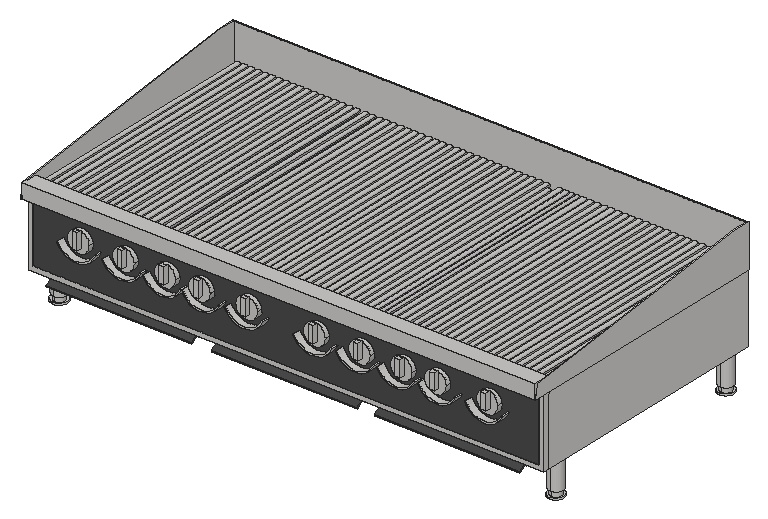
Revit family "QF_Vollrath_960CG", category Specialty Equipment, Revit 2016 (continued)
Automatic sketch dimensions
  Extrusion 105 sketch curve to plane 11 = 0.00"
  Extrusion 105 sketch curve to plane 26 = 4.56103"
  plane 9 "RIGHT" to Extrusion 105 sketch curve = 2.50946"
  Extrusion 106 sketch curve to plane 11 = 0.00"
  Extrusion 106 sketch curve to plane 12 = 0.18819"
  plane 6 "FRONT" to Extrusion 106 sketch curve = 0.8615"
  Extrusion 106 sketch curve to plane 12 = 0.25182"
  Extrusion 106 sketch curve to Extrusion 106 sketch curve = 0.06363"  (x2)
  plane 11 to Extrusion 106 sketch curve = 0.06748"
  Extrusion 106 sketch curve to Extrusion 106 sketch curve = 1.02888"
  Extrusion 106 sketch curve to plane 12 = 1.25151"
  Extrusion 107 sketch curve to plane 11 = 0.00"
  Extrusion 107 sketch curve to plane 7 "Top of Legs" = 0.00"
  Extrusion 107 sketch curve to plane 21 = 3.58713"
  Extrusion 107 sketch curve to plane 26 = 2.51664"
  Extrusion 108 sketch curve to plane 12 = 0.00"
  Extrusion 108 sketch curve to plane 11 = 0.00"
  Extrusion 108 sketch curve to plane 21 = 3.58713"
  Extrusion 108 sketch curve to plane 26 = 2.51664"
  Extrusion 109 sketch curve to plane 11 = 0.00"
  Extrusion 109 sketch curve to plane 12 = 0.18819"
  plane 6 "FRONT" to Extrusion 109 sketch curve = 0.8615"
  Extrusion 109 sketch curve to plane 12 = 0.25182"
  Extrusion 109 sketch curve to Extrusion 109 sketch curve = 0.06363"  (x2)
  plane 11 to Extrusion 109 sketch curve = 0.06748"
  Extrusion 109 sketch curve to Extrusion 109 sketch curve = 1.02888"
  Extrusion 109 sketch curve to plane 12 = 1.25151"
  Extrusion 110 sketch curve to Extrusion 110 sketch curve = 0.00"  (x2)
  plane 15 to Extrusion 110 sketch curve = 0.48677"
  plane 17 to Extrusion 110 sketch curve = 0.57426"
  Extrusion 110 sketch curve to plane 20 = 2.69772"
  plane 17 to Extrusion 111 sketch curve = 0.88643"
  plane 17 to Extrusion 111 sketch curve = 0.33376"
  plane 16 to Extrusion 111 sketch curve = 3.22002"
  Extrusion 111 sketch curve to plane 20 = 1.48733"
  Extrusion 112 sketch curve to Extrusion 112 sketch curve = 0.00"  (x2)
  plane 21 to Extrusion 112 sketch curve = 2.96007"
  Extrusion 112 sketch curve to Extrusion 112 sketch curve = 1.25"
  Extrusion 112 sketch curve to plane 20 = 2.69772"
  plane 21 to Extrusion 113 sketch curve = 2.02224"
  Extrusion 113 sketch curve to Extrusion 113 sketch curve = 0.55267"
  plane 16 to Extrusion 113 sketch curve = 3.22002"
  Extrusion 113 sketch curve to plane 20 = 1.48733"
  Extrusion 114 sketch curve to Extrusion 114 sketch curve = 0.00"  (x2)
  plane 23 to Extrusion 114 sketch curve = 2.46007"
  plane 23 to Extrusion 114 sketch curve = 1.21007"
  Extrusion 114 sketch curve to plane 20 = 2.69772"
  plane 23 to Extrusion 115 sketch curve = 1.52224"
  Extrusion 115 sketch curve to Extrusion 115 sketch curve = 0.55267"
  plane 16 to Extrusion 115 sketch curve = 3.22002"
  Extrusion 115 sketch curve to plane 20 = 1.48733"
  Extrusion 116 sketch curve to Extrusion 116 sketch curve = 0.00"  (x2)
  plane 24 to Extrusion 116 sketch curve = 0.57426"
  Extrusion 116 sketch curve to plane 24 = 0.67574"
  Extrusion 116 sketch curve to plane 20 = 2.69772"
  Extrusion 117 sketch curve to plane 24 = 0.36357"
  Extrusion 117 sketch curve to Extrusion 117 sketch curve = 0.55267"
  plane 16 to Extrusion 117 sketch curve = 3.22002"
  Extrusion 117 sketch curve to plane 20 = 1.48733"
  Extrusion 118 sketch curve to Extrusion 118 sketch curve = 0.00"  (x2)
  Extrusion 118 sketch curve to plane 26 = 1.67574"
  Extrusion 118 sketch curve to Extrusion 118 sketch curve = 1.25"
  Extrusion 118 sketch curve to plane 20 = 2.69772"
  Extrusion 119 sketch curve to plane 26 = 2.61357"
  Extrusion 119 sketch curve to Extrusion 119 sketch curve = 0.55267"
  plane 16 to Extrusion 119 sketch curve = 3.22002"
  Extrusion 119 sketch curve to plane 20 = 1.48733"
  Extrusion 120 sketch curve to Extrusion 120 sketch curve = 0.00"  (x2)
  Extrusion 120 sketch curve to plane 26 = 6.53993"
  Extrusion 120 sketch curve to Extrusion 120 sketch curve = 1.25"
  Extrusion 120 sketch curve to plane 20 = 2.69772"
  plane 16 to Extrusion 121 sketch curve = 3.22002"
  Extrusion 121 sketch curve to plane 26 = 7.47776"
  Extrusion 121 sketch curve to Extrusion 121 sketch curve = 0.55267"
  Extrusion 121 sketch curve to plane 20 = 1.48733"
  Extrusion 122 sketch curve to Extrusion 122 sketch curve = 0.00"  (x2)
  Extrusion 122 sketch curve to plane 20 = 2.69772"
  Extrusion 122 sketch curve to plane 26 = 10.53993"
  Extrusion 122 sketch curve to Extrusion 122 sketch curve = 1.25"
  plane 16 to Extrusion 123 sketch curve = 3.22002"
  Extrusion 123 sketch curve to plane 26 = 11.47776"
  Extrusion 123 sketch curve to Extrusion 123 sketch curve = 0.55267"
  Extrusion 123 sketch curve to plane 20 = 1.48733"
  Extrusion 124 sketch curve to Extrusion 124 sketch curve = 0.00"  (x2)
  plane 9 "RIGHT" to Extrusion 124 sketch curve = 7.46007"
  Extrusion 124 sketch curve to Extrusion 124 sketch curve = 1.25"
  Extrusion 124 sketch curve to plane 20 = 2.69772"
  plane 16 to Extrusion 125 sketch curve = 3.22002"
  plane 9 "RIGHT" to Extrusion 125 sketch curve = 6.52224"
  Extrusion 125 sketch curve to Extrusion 125 sketch curve = 0.55267"
  Extrusion 125 sketch curve to plane 20 = 1.48733"
  Extrusion 126 sketch curve to plane 19 = 0.00"
  Extrusion 126 sketch curve to plane 28 = 0.00"
  Extrusion 126 sketch curve to plane 20 = 0.00"
  plane 9 "RIGHT" to Extrusion 126 sketch curve = 0.125"
  Sweep 127 sketch curve to plane 13 = 1.65236"
  Sweep 127 sketch curve to plane 14 = 0.21339"
  Sweep 127 sketch curve to plane 15 = 1.22558"
  Sweep 127 sketch curve to plane 20 = 3.26749"
  Sweep 127 sketch curve to plane 20 = 2.22077"
  profile plane to Sweep 127 sketch curve = 0.00"
  Sweep 127 sketch curve to profile plane = 0.00"
  Sweep 127 sketch curve to profile plane = 0.14592"
  Sweep 127 sketch curve to Sweep 127 sketch curve = 0.83484"
  Sweep 128 sketch curve to plane 15 = 0.47558"
  plane 17 to Sweep 128 sketch curve = 0.53661"
  Sweep 128 sketch curve to plane 17 = 1.71339"
  Sweep 128 sketch curve to plane 20 = 3.26749"
  Sweep 128 sketch curve to plane 20 = 2.22077"
  profile plane to Sweep 128 sketch curve = 0.00"
  Sweep 128 sketch curve to profile plane = 0.00"
  Sweep 128 sketch curve to profile plane = 0.14592"
  Sweep 128 sketch curve to Sweep 128 sketch curve = 0.83484"
  Sweep 129 sketch curve to plane 17 = 1.96339"
  plane 21 to Sweep 129 sketch curve = 1.78661"
  Sweep 129 sketch curve to plane 21 = 0.46339"
  Sweep 129 sketch curve to plane 20 = 3.26749"
  Sweep 129 sketch curve to plane 20 = 2.22077"
  profile plane to Sweep 129 sketch curve = 0.00"
  Sweep 129 sketch curve to profile plane = 0.00"
  Sweep 129 sketch curve to profile plane = 0.14592"
  Sweep 129 sketch curve to Sweep 129 sketch curve = 0.83484"
  Sweep 130 sketch curve to plane 21 = 0.46339"
  Sweep 130 sketch curve to Sweep 130 sketch curve = 2.25"  (x2)
  Sweep 130 sketch curve to plane 20 = 3.26749"
  Sweep 130 sketch curve to plane 20 = 2.22077"
  profile plane to Sweep 130 sketch curve = 0.00"
  Sweep 130 sketch curve to profile plane = 0.00"
  Sweep 130 sketch curve to profile plane = 0.14592"
  Sweep 130 sketch curve to Sweep 130 sketch curve = 0.83484"
  plane 23 to Sweep 131 sketch curve = 3.53661"
  plane 23 to Sweep 131 sketch curve = 1.28661"
  Sweep 131 sketch curve to plane 23 = 0.96339"
  Sweep 131 sketch curve to plane 20 = 3.26749"
  Sweep 131 sketch curve to plane 20 = 2.22077"
  profile plane to Sweep 131 sketch curve = 0.00"
  Sweep 131 sketch curve to profile plane = 0.00"
  Sweep 131 sketch curve to profile plane = 0.14592"
  Sweep 131 sketch curve to Sweep 131 sketch curve = 0.83484"
  Sweep 132 sketch curve to plane 20 = 3.26749"
  plane 9 "RIGHT" to Sweep 132 sketch curve = 8.53661"
  Sweep 132 sketch curve to Sweep 132 sketch curve = 2.25"  (x2)
  Sweep 132 sketch curve to plane 20 = 2.22077"
  profile plane to Sweep 132 sketch curve = 0.00"
  Sweep 132 sketch curve to profile plane = 0.00"
  Sweep 132 sketch curve to profile plane = 0.14592"
  Sweep 132 sketch curve to Sweep 132 sketch curve = 0.83484"
  Sweep 133 sketch curve to plane 20 = 3.26749"
  Sweep 133 sketch curve to plane 26 = 9.96339"
  Sweep 133 sketch curve to Sweep 133 sketch curve = 2.25"  (x2)
  Sweep 133 sketch curve to plane 20 = 2.22077"
  profile plane to Sweep 133 sketch curve = 0.00"
  Sweep 133 sketch curve to profile plane = 0.00"
  Sweep 133 sketch curve to profile plane = 0.14592"
  Sweep 133 sketch curve to Sweep 133 sketch curve = 0.83484"
  Sweep 134 sketch curve to plane 26 = 5.21339"
  Sweep 134 sketch curve to Sweep 134 sketch curve = 2.25"  (x2)
  Sweep 134 sketch curve to plane 20 = 3.26749"
  Sweep 134 sketch curve to plane 20 = 2.22077"
  profile plane to Sweep 134 sketch curve = 0.00"
  Sweep 134 sketch curve to profile plane = 0.00"
  Sweep 134 sketch curve to profile plane = 0.14592"
  Sweep 134 sketch curve to Sweep 134 sketch curve = 0.83484"
  Sweep 135 sketch curve to plane 26 = 0.46339"
  Sweep 135 sketch curve to Sweep 135 sketch curve = 2.25"  (x2)
  Sweep 135 sketch curve to plane 20 = 3.26749"
  Sweep 135 sketch curve to plane 20 = 2.22077"
  profile plane to Sweep 135 sketch curve = 0.00"
  Sweep 135 sketch curve to profile plane = 0.00"
  Sweep 135 sketch curve to profile plane = 0.14592"
  Sweep 135 sketch curve to Sweep 135 sketch curve = 0.83484"
  Sweep 136 sketch curve to plane 25 = 1.46339"
  Sweep 136 sketch curve to plane 24 = 0.71339"
  plane 26 to Sweep 136 sketch curve = 0.03661"
  Sweep 136 sketch curve to plane 20 = 3.26749"
  Sweep 136 sketch curve to plane 20 = 2.22077"
  profile plane to Sweep 136 sketch curve = 0.00"
  Sweep 136 sketch curve to profile plane = 0.00"
  Sweep 136 sketch curve to profile plane = 0.14592"
  Sweep 136 sketch curve to Sweep 136 sketch curve = 0.83484"
  plane 6 "FRONT" to curve 13 = 1.95401"
  curve 6 to curve 32 = 2.48236"
  curve 32 to curve 31 = 2.67865"
  curve 31 to curve 30 = 2.62206"
  curve 30 to curve 29 = 2.6319"
  curve 29 to curve 28 = 2.56584"
  curve 28 to curve 27 = 2.62206"
  curve 36 to curve 26 = 0.5458"
  curve 25 to plane 29 = 2.62174"
  plane 25 to curve 21 = 1.34286"
  curve 19 to curve 39 = 1.14837"
  curve 19 to curve 18 = 2.62206"
  plane 21 to curve 16 = 2.3604"
  curve 13 to plane 14 = 1.8198"
  radius of Extrusion 1 sketch curve = 0.9375"
  radius of Extrusion 2 sketch curve = 0.625"
  radius of Extrusion 3 sketch curve = 0.8125"
  radius of Extrusion 4 sketch curve = 0.9375"
  radius of Extrusion 5 sketch curve = 0.625"
  radius of Extrusion 6 sketch curve = 0.8125"
  radius of Extrusion 7 sketch curve = 0.9375"
  radius of Extrusion 8 sketch curve = 0.625"
  radius of Extrusion 9 sketch curve = 0.8125"
  radius of Extrusion 10 sketch curve = 0.9375"
  radius of Extrusion 11 sketch curve = 0.625"
  radius of Extrusion 12 sketch curve = 0.8125"
  radius of Extrusion 16 sketch curve = 1.25"  (x10)
  radius of Extrusion 23 sketch curve = 0.375"
  radius of Extrusion 29 sketch curve = 0.25"
  radius of Extrusion 30 sketch curve = 0.25"
  radius of Extrusion 31 sketch curve = 0.25"
  radius of Extrusion 32 sketch curve = 0.25"
  radius of Extrusion 33 sketch curve = 0.25"
  radius of Extrusion 34 sketch curve = 0.25"
  radius of Extrusion 35 sketch curve = 0.25"
  radius of Extrusion 36 sketch curve = 0.25"
  radius of Extrusion 37 sketch curve = 0.25"
  radius of Extrusion 38 sketch curve = 0.25"
  radius of Extrusion 39 sketch curve = 0.25"
  radius of Extrusion 40 sketch curve = 0.25"
  radius of Extrusion 41 sketch curve = 0.25"
  radius of Extrusion 42 sketch curve = 0.25"
  radius of Extrusion 43 sketch curve = 0.25"
  radius of Extrusion 44 sketch curve = 0.25"
  radius of Extrusion 45 sketch curve = 0.25"
  radius of Extrusion 46 sketch curve = 0.25"
  radius of Extrusion 47 sketch curve = 0.25"
  radius of Extrusion 48 sketch curve = 0.25"
  radius of Extrusion 49 sketch curve = 0.25"
  radius of Extrusion 50 sketch curve = 0.25"
  radius of Extrusion 51 sketch curve = 0.25"
  radius of Extrusion 52 sketch curve = 0.25"
  radius of Extrusion 53 sketch curve = 0.25"
  radius of Extrusion 54 sketch curve = 0.25"
  radius of Extrusion 55 sketch curve = 0.25"
  radius of Extrusion 56 sketch curve = 0.25"
  radius of Extrusion 57 sketch curve = 0.25"
  radius of Extrusion 58 sketch curve = 0.25"
  radius of Extrusion 59 sketch curve = 0.25"
  radius of Extrusion 60 sketch curve = 0.25"
  radius of Extrusion 61 sketch curve = 0.25"
  radius of Extrusion 62 sketch curve = 0.25"
  radius of Extrusion 63 sketch curve = 0.25"
  radius of Extrusion 64 sketch curve = 0.25"
  radius of Extrusion 65 sketch curve = 0.25"
  radius of Extrusion 66 sketch curve = 0.25"
  radius of Extrusion 67 sketch curve = 0.25"
  radius of Extrusion 68 sketch curve = 0.25"
  radius of Extrusion 69 sketch curve = 0.25"
  radius of Extrusion 72 sketch curve = 0.25"
  radius of Extrusion 73 sketch curve = 0.25"
  radius of Extrusion 74 sketch curve = 0.25"
  radius of Extrusion 75 sketch curve = 0.25"
  radius of Extrusion 76 sketch curve = 0.25"
  radius of Extrusion 77 sketch curve = 0.25"
  radius of Extrusion 78 sketch curve = 0.25"
  radius of Extrusion 79 sketch curve = 0.25"
  radius of Extrusion 80 sketch curve = 0.25"
  radius of Extrusion 81 sketch curve = 0.25"
  radius of Extrusion 82 sketch curve = 0.25"
  radius of Extrusion 83 sketch curve = 0.25"
  radius of Extrusion 84 sketch curve = 0.25"
  radius of Extrusion 85 sketch curve = 0.25"
  radius of Extrusion 86 sketch curve = 0.25"
  radius of Extrusion 87 sketch curve = 0.25"
  radius of Extrusion 88 sketch curve = 0.25"
  radius of Extrusion 89 sketch curve = 0.25"
  radius of Extrusion 90 sketch curve = 0.25"
  radius of Extrusion 91 sketch curve = 0.25"
  radius of Extrusion 92 sketch curve = 0.25"
  radius of Extrusion 93 sketch curve = 0.25"
  radius of Extrusion 94 sketch curve = 0.25"
  radius of Extrusion 95 sketch curve = 0.25"
  radius of Extrusion 96 sketch curve = 0.25"
  radius of Extrusion 97 sketch curve = 0.25"
  radius of Extrusion 98 sketch curve = 0.25"
  radius of Extrusion 99 sketch curve = 0.25"
  radius of Extrusion 100 sketch curve = 0.25"
  radius of Extrusion 101 sketch curve = 0.25"
  radius of Extrusion 102 sketch curve = 0.25"
  radius of Extrusion 103 sketch curve = 0.25"
Connectors (in)
  piping at (11.77924, 1.375, 41.5), diameter 0.75
    settings: on Extrusion 23, index 1, connector inside diameter 3/4", connector length 0.00", flow factor 0, pipe flow 0 GPM, pressure drop 0.00 psi, fitting loss kfactor 0, connector angle 0.00°, fixture units 0, engagement length 0.00", angle of deflection 0.00°, flow configuration 1, flow direction 1, fitting loss method 0, system type 22, joint type 0, gender type 0, connector reference index -1, connector utility 0, adjustable connector no, is connector primary yes, connector description "Gas Connection"
